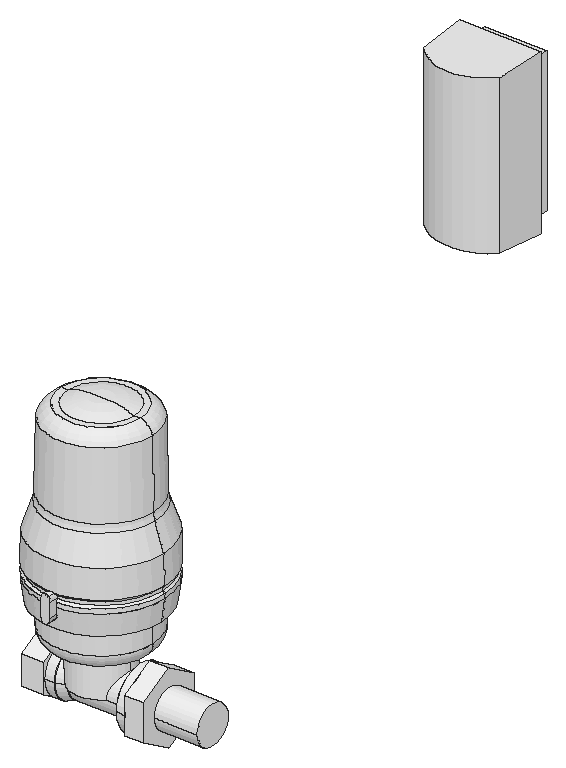
Revit family "RA-FN_Straight_DN10-20_F_React_RFA_1", category Pipe Accessories, Revit 2019
Family settings
  Round Connector Dimension = Use Diameter
  Part Type = Valve - Breaks Into
  OmniClass Number = 23.65.55.14.17
  OmniClass Title = Adjusting/Controlling Valves for Liquid Services
  Work Plane-Based = No
  Always vertical = Yes
  Cut with Voids When Loaded = No
  Shared = No
Parameters (values of type "RA-FN_Straight_DN10_Internal_F_013G0002")
  Weight = 0.21 kg
  W = 58.00 mm  # constant formula
  Sensor Type = React Sensors_RA_RFA : React Sensors_RA_Remote_8-28 °C
  SL = L1 + L2  # 55.50 mm
  RV4_1 = 15.50 mm
  RV2_1 = 12.50 mm
  RV4 = 13.30 mm
  RV3 = 11.00 mm
  RV2 = 10.80 mm
  Pressure Drop [instance] = 0.0 bar
  Model Type = "RA-FN_Straight_DN10_Internal_F"
  Model = "013G0002"
  Max Operating Pressure = "10 bar"  # constant formula
  Max Medium Temperature = "120 ˚C"  # constant formula
  Max Differential Pressure = "0.6 bar"  # constant formula
  L_2 = 8.50 mm
  Valve Body Material = Danfoss Nickel Plated Brass
  RV5 = 8.30 mm
  LOD 350 = not(LOD 200)  # yes
  LOD 200 = no
  L7 = 3.60 mm
  L5 = 14.50 mm
  L4 = 7.50 mm
  L3 = 4.20 mm
  L = 74.50 mm
  Kvs = 0.65 m³/h
  IfcExportType = "RA-FN"  # constant formula
  IfcExportAs = "IfcValveType"  # constant formula
  L_1 = 9.80 mm
  URL = "https://store.danfoss.com/en/Climate-Solutions-for-heating/Radiator-Thermostats/Radiator-Valves/Build-on-valves/Fixed-capacity-valves/c/13867?q=%3Arelevance%3Adanfoss_producttypehierarchydesc%3ARA-FN&text="
  Manufacturer = "Danfoss"  # constant formula
  L2 = 29.50 mm
  L1 = 26.00 mm
  Ha [instance] = 111.00 mm
  HT = 48.00 mm  # constant formula
  HB = 15.59 mm
  H = HB + 111.00 mm  # 126.59 mm
  Flow [instance] = 0.0 m³/h
  Description = "Thermostatic Radiator Valve"  # constant formula
  D_Thread = L_Thread2 * 2  # 27.00 mm
  DB1 = 25.50 mm
  DV1 = 18.00 mm
  L_Thread2 = 13.50 mm
  L_Thread1 = 10.80 mm
  D = 10.00 mm
  Connection = "Internal Thread"  # constant formula
Types (3, lengths in mm): name | Weight | SL | RV4_1 | RV2_1 | RV4 | RV3 | RV2 | Model Type | Model | L_2 | RV5 | L7 | L5 | L4 | L3 | L | Kvs | L_1 | L2 | L1 | HB | H | D_Thread | DB1 | DV1 | L_Thread2 | L_Thread1 | D
  RA-FN_Straight_DN10_Internal_F_013G0002 | 0.21 kg | 55.50 | 15.50 | 12.50 | 13.30 | 11.00 | 10.80 | "RA-FN_Straight_DN10_Internal_F" | "013G0002" | 8.50 | 8.30 | 3.60 | 14.50 | 7.50 | 4.20 | 74.50 | 0.65 m³/h | 9.80 | 29.50 | 26.00 | 15.59 | 126.59 | 27.00 | 25.50 | 18.00 | 13.50 | 10.80 | 10.00
  RA-FN_Straight_DN15_Internal_F_013G0004 | 0.24 kg | 61.00 | 17.30 | 15.30 | 14.80 | 12.30 | 12.50 | "RA-FN_Straight_DN15_Internal_F" | "013G0004" | 10.00 | 10.50 | 3.80 | 15.50 | 9.50 | 4.00 | 82.00 | 0.9 m³/h | 10.00 | 32.00 | 29.00 | 17.32 | 128.32 | 30.00 | 25.50 | 20.30 | 15.00 | 13.30 | 15.00
  RA-FN_Straight_DN20_Internal_F_013G0006 | 0.39 kg | 74.30 | 21.00 | 18.30 | 18.20 | 15.00 | 15.60 | "RA-FN_Straight_DN20_Internal_F" | "013G0006" | 14.00 | 13.30 | 4.20 | 18.00 | 14.00 | 6.20 | 96.50 | 1.4 m³/h | 12.20 | 39.30 | 35.00 | 21.13 | 132.13 | 36.60 | 29.00 | 25.00 | 18.30 | 15.80 | 20.00
Reference planes
  plane 1 "Center (Front/Back)": y = 0
  plane 2 "XYPLANE": z = 6
  plane 3 "Center (Left/Right)": x = 0
  plane 4 "63": x = 0
  plane 5 "62": x = -26
  plane 6 "61": x = 29.5
  plane 7 "60": y = 0
  plane 8 "59": z = 0
  plane 9 "Y2": x = -16.2
  plane 10: z = 111
  plane 11: x = 48.5
  plane 12: x = 21
  plane 13: z = 15
  plane 14: x = 14.5
  plane 15: x = -7.5
  plane 16: x = -11.7
  plane 17: x = 17.4
  plane 18: x = -11.473
  plane 19: z = -15.59
  plane 20: y = 27.5
  plane 21: y = -30.5
Forms (mm)
  Extrusion 1, solid, material "Danfoss Nickel Plated Brass" <- "Valve Body Material", visible <- "LOD 350", detail levels fine
    sketch origin (-15, 0, 0) x (0, 0, 1) y (0, -1, 0)
      loop
        circle (0, 0) r 9
    from 7.5 to 29.5
  Extrusion 2, solid, material "Danfoss Nickel Plated Brass" <- "Valve Body Material", visible <- "LOD 350", detail levels fine
    sketch origin (29.5, -750, 0) x (0, 1, 0) y (0, 0, 1)
      loop
        line (750, 15.588) -> (736.5, 7.794) -> (736.5, -7.794) -> (750, -15.588) -> (763.5, -7.794) -> (763.5, 7.794) -> (750, 15.588)
    from 0 to -8.5
  Extrusion 3, solid, material "Danfoss Nickel Plated Brass" <- "Valve Body Material", visible <- "LOD 350", detail levels fine
    sketch origin (-26, -750, 0) x (0, 1, 0) y (0, 0, 1)
      loop
        line (750, 12.471) -> (739.2, 6.235) -> (739.2, -6.235) -> (750, -12.471) -> (760.8, -6.235) -> (760.8, 6.235) -> (750, 12.471)
    from 0 to 9.8 <- "L_1"
  Extrusion 4, solid, material "Danfoss Nickel Plated Brass" <- "Valve Body Material", visible <- "LOD 350", detail levels fine
    sketch origin (29.5, -750, 0) x (0, 1, 0) y (0, 0, 1)
      loop
        circle (750, 0) r 10.8
    from -45.7 to -41.2
  Extrusion 5, solid, material "Danfoss Nickel Plated Brass" <- "Valve Body Material", visible <- "LOD 200", detail levels fine
    sketch origin (29.5, -750, 0) x (0, 1, 0) y (0, 0, 1)
      loop
        circle (750, 0) r 9
    from -45.7 to -8.5
  Extrusion 6, solid, material "Danfoss Nickel Plated Brass" <- "Valve Body Material", detail levels fine
    sketch origin (0, 0, 0) x (0, 1, 0) y (0, 0, 1)
      loop
        circle (0, 0) r 8.3
    from 29.5 to 48.5
  Extrusion 7, solid, material "Danfoss Nickel Plated Brass" <- "Valve Body Material", detail levels fine
    sketch origin (0, 0, 0) x (1, 0, 0) y (0, 1, 0)
      loop
        circle (0, 0) r 12.75
    from 0 to 15
  Blend 8, solid, material "Danfoss Nickel Plated Brass" <- "Valve Body Material", visible <- "LOD 350", detail levels fine
    base sketch origin (0, 0, 0) x (0, 1, 0) y (0, 0, 1)
      loop
        circle (0, 0) r 10.8
    top sketch origin (0, 0, 0) x (0, 1, 0) y (0, 0, 1)
      loop
        circle (0, 0) r 9
    from -11.7 to -7.5
  Blend 9, solid, material "Danfoss Nickel Plated Brass" <- "Valve Body Material", visible <- "LOD 350", detail levels fine
    base sketch origin (0, 0, 0) x (0, 1, 0) y (0, 0, -1)
      loop
        circle (0, 0) r 11
    top sketch origin (0, 0, 0) x (0, 1, 0) y (0, 0, -1)
      loop
        circle (0, 0) r 9
    from -17.4 to -14.5
  Extrusion 10, solid, material "Danfoss Nickel Plated Brass" <- "Valve Body Material", visible <- "LOD 350", detail levels fine
    sketch origin (-29.5, -750, 0) x (0, 1, 0) y (0, 0, -1)
      loop
        circle (750, 0) r 13.3
    from -50.5 to -46.9
  Extrusion 11, solid, material "Danfoss Nickel Plated Brass" <- "Valve Body Material", visible <- "LOD 200", detail levels fine
    sketch origin (0, 0, 0) x (0, 1, 0) y (0, 0, 1)
      loop
        circle (0, 0) r 12.5
    from -26 to -16.2
  Extrusion 12, solid, material "Danfoss Nickel Plated Brass" <- "Valve Body Material", visible <- "LOD 200", detail levels fine
    sketch origin (0, 0, 0) x (0, 1, 0) y (0, 0, 1)
      loop
        circle (0, 0) r 15.5
    from 21 to 29.5
Lines and regions (mm)
  reference lines, not visible
    curve 1: circle (2, 2, 0) r 1 normal (0, 0, 1)
  reference lines, visible <- "LOD 350"
    curve 2: line (29.5, 0, 0) -> (29.5, 5.846, -3.375)
    curve 3: line (29.5, 0, 0) -> (29.5, 0, -6.75)
    curve 4: line (29.5, 0, 0) -> (29.5, -5.846, -3.375)
    curve 5: line (-26, 0, 0) -> (-26, -4.98, -2.875)
    curve 6: line (-26, 0, 0) -> (-26, 0, -5.75)
    curve 7: line (-26, 0, 0) -> (-26, 4.98, -2.875)
Dimensions and locks
  plane 1 "Center (Front/Back)" to curve 1 = 2.00 mm
  locked: plane 3 "Center (Left/Right)" to plane 4 "63"
  "L1": plane 3 "Center (Left/Right)" to plane 5 "62"
  "L2": plane 3 "Center (Left/Right)" to plane 6 "61"
  locked: plane 1 "Center (Front/Back)" to plane 7 "60"
  plane 8 "59" to plane 2 "XYPLANE" = 6.00 mm
  "L_Thread2": curve 2 to Extrusion 2 sketch curve  (x2)
  "L_Thread2": curve 3 to Extrusion 2 sketch curve  (x2)
  "L_Thread2": curve 4 to Extrusion 2 sketch curve  (x2)
  "L_Thread1": curve 5 to Extrusion 3 sketch curve  (x2)
  "L_Thread1": curve 6 to Extrusion 3 sketch curve  (x2)
  "L_Thread1": curve 7 to Extrusion 3 sketch curve  (x2)
  "L_1": plane 5 "62" to plane 9 "Y2"
  "L_2": plane 12 to plane 6 "61"
  "L4": plane 3 "Center (Left/Right)" to plane 15
  "L5": plane 14 to plane 3 "Center (Left/Right)"
  "L3": plane 15 to plane 16
  "L": plane 5 "62" to plane 11
  plane 6 "61" to plane 5 "62" = 55.50 mm
  plane 11 to plane 5 "62" = 74.50 mm
  "L7": plane 12 to plane 17
  locked: plane 18 to plane 9 "Y2" at 4.727
  locked: plane 13 to level at 15
  "Ha": plane 10 to level
  "HB": level to plane 19
  "H": plane 10 to plane 19
  "W": plane 21 to plane 20
  "DV1": diameter of Extrusion 1 sketch curve
  "RV2": radius of Extrusion 4 sketch curve
  "DV1": diameter of Extrusion 5 sketch curve
  "RV5": radius of Extrusion 6 sketch curve
  "DB1": diameter of Extrusion 7 sketch curve
  "RV2": radius of Blend 8 sketch curve
  "DV1": diameter of Blend 8 sketch curve
  "RV3": radius of Blend 9 sketch curve
  "DV1": diameter of Blend 9 sketch curve
  "RV4": radius of Extrusion 10 sketch curve
  "RV2_1": radius of Extrusion 11 sketch curve
  "RV4_1": radius of Extrusion 12 sketch curve
  locked: curve 3 to curve 2 (angle 60.00°)
  locked: curve 4 to curve 3 (angle 60.00°)
  locked: curve 4 to curve 2 (angle 120.00°)
  locked: curve 6 to curve 5 (angle 60.00°)
  locked: curve 7 to curve 6 (angle 60.00°)
  locked: curve 7 to curve 5 (angle 120.00°)
  aligned and locked: Extrusion 1 sketch curve to plane 7 "60"
  aligned and locked: curve 4 to plane 7 "60"
  aligned and locked: plane 8 "59" to curve 4
  aligned and locked: curve 7 to plane 7 "60"
  aligned and locked: plane 8 "59" to curve 7
  aligned and locked: plane 1 "Center (Front/Back)" to Extrusion 4 sketch curve
  aligned and locked: level to Extrusion 4 sketch curve
  aligned and locked: plane 1 "Center (Front/Back)" to Extrusion 5 sketch curve
  aligned and locked: level to Extrusion 5 sketch curve
  aligned and locked: plane 9 "Y2" to Extrusion 3
  aligned and locked: plane 1 "Center (Front/Back)" to Extrusion 6 sketch curve
  aligned and locked: level to Extrusion 6 sketch curve
  aligned and locked: Extrusion 2 to plane 12
  aligned and locked: plane 4 "63" to Extrusion 7 sketch curve
  aligned and locked: plane 7 "60" to Extrusion 7 sketch curve
  aligned and locked: plane 13 to Extrusion 7
  aligned and locked: Extrusion 6 to plane 6 "61"
  aligned and locked: Extrusion 6 to plane 11
  aligned and locked: Extrusion 1 to plane 15
  aligned and locked: plane 14 to Extrusion 1
  aligned and locked: Extrusion 4 to plane 9 "Y2"
  aligned and locked: plane 16 to Extrusion 4
  aligned and locked: plane 1 "Center (Front/Back)" to Blend 8 sketch curve  (x2)
  aligned and locked: level to Blend 8 sketch curve  (x2)
  aligned and locked: Blend 8 to plane 16
  aligned and locked: plane 15 to Blend 8
  aligned and locked: plane 14 to Blend 9
  aligned and locked: plane 1 "Center (Front/Back)" to Blend 9 sketch curve  (x2)
  aligned and locked: level to Blend 9 sketch curve  (x2)
  aligned and locked: Extrusion 5 to plane 9 "Y2"
  aligned and locked: plane 12 to Extrusion 5
  aligned and locked: plane 17 to Blend 9
  aligned and locked: plane 12 to Extrusion 10
  aligned and locked: Extrusion 10 to plane 17
  aligned and locked: plane 1 "Center (Front/Back)" to Extrusion 11 sketch curve
  aligned and locked: level to Extrusion 11 sketch curve
  aligned and locked: Extrusion 11 to plane 5 "62"
  aligned and locked: Extrusion 11 to plane 9 "Y2"
  aligned and locked: plane 1 "Center (Front/Back)" to Extrusion 12 sketch curve
  aligned and locked: level to Extrusion 12 sketch curve
  aligned and locked: Extrusion 2 to Extrusion 12
  aligned and locked: Extrusion 12 to plane 6 "61"
  aligned and locked: plane 3 "Center (Left/Right)" to nested 1
  aligned and locked: plane 13 to nested 1
  aligned and locked: plane 1 "Center (Front/Back)" to nested 1
  aligned and locked: nested 2 to plane 13
  aligned and locked: plane 3 "Center (Left/Right)" to nested 2
  aligned and locked: plane 1 "Center (Front/Back)" to nested 2
  aligned and locked: level to nested 3
  aligned and locked: nested 3 to plane 6 "61"
  aligned and locked: plane 1 "Center (Front/Back)" to nested 3
Automatic sketch dimensions
  plane 3 "Center (Left/Right)" to curve 1 = 2.00 mm
  Extrusion 1 sketch curve to level = 0.00 mm
  Extrusion 6 sketch curve to level = 0.00 mm
  Extrusion 10 sketch curve to level = 0.00 mm
  Extrusion 10 sketch curve to plane 1 "Center (Front/Back)" = 0.00 mm
  radius of curve 1 = 1.00 mm
Nested families
  nested 1: "connection neck" at (0, 0, 15), LOD 200 <- "LOD 200", type "connection", detail levels fine
    with LOD 350 yes, LOD 200 no, DN20(350) no, DN10-15(350) yes
  nested 2: "React Sensors_RA_RFA" at (0, 0, 15), LOD 200 <- "LOD 200", type <- "Sensor Type", type "React Sensors_RA_Remote_8-28 °C", detail levels fine
    with Y' 1200.00 mm, X' 1200.00 mm, LOD 350 yes, LOD 200 no, Box Z Offset 100.00 mm, Box Y Offset 100.00 mm, Box X Offset 100.00 mm
  nested 3: "Schematic_TRV_Sensor_Straight" at (1.75, 0, 0), type "Schematic_TRV_Sensor_Straight", detail levels coarse+medium
    with LA_1 2.40 mm, HA_2 17.28 mm, HA_1 4.32 mm, HA 21.60 mm, LA 12.96 mm, L 55.50 mm, D 27.00 mm
Connectors
  piping at (-26, 0, 0), diameter 10, driven by "D", driven by "Flow"
    settings: on Extrusion 3, index 2, connector inside diameter 609.6 mm, connector length 0.00 mm, flow factor 0, pipe flow 0.0 m³/h, pressure drop 0.0 bar, fitting loss kfactor 0, connector angle 0.00°, fixture units 0, engagement length 0.00 mm, angle of deflection 0.00°, flow configuration 0, flow direction 1, fitting loss method 0, system type 29, joint type 0, gender type 0, connector reference index 3, connector utility 0, adjustable connector no, is connector primary yes, connector description ""
  piping at (29.5, 0, 0), diameter 10, driven by "Flow", driven by "D"
    settings: on Extrusion 2, index 3, connector inside diameter 609.6 mm, connector length 0.00 mm, flow factor 0, pipe flow 0.0 m³/h, pressure drop 0.0 bar, fitting loss kfactor 0, connector angle 0.00°, fixture units 0, engagement length 0.00 mm, angle of deflection 0.00°, flow configuration 0, flow direction 2, fitting loss method 0, system type 29, joint type 0, gender type 0, connector reference index 2, connector utility 0, adjustable connector no, is connector primary no, connector description ""
Definition of nested family "connection neck"
  Parameters (values of type "connection")
    Model = ""
    Valve Body Material = none
    LOD 350 [instance] = not(LOD 200)  # yes
    LOD 200 [instance] = no
    IfcExportType = "Connection neck"  # constant formula
    IfcExportAs = "IfcValveType"  # constant formula
    URL = "https://store.danfoss.com/en/Climate-Solutions-for-heating/Radiator-Thermostats/Radiator-Valves/Build-on-valves/Presetting-valves/c/13866?q=%3Arelevance%3Adanfoss_producttypehierarchydesc%3ARA-N&text="
    Manufacturer = "Danfoss"  # constant formula
    HT1 = if(D = 20.00 mm, 12.55 mm, 12.65 mm)  # 12.65 mm
    HT = 33.00 mm  # constant formula
    H [instance] = 33.00 mm
    Description = "Thermostatic Radiator Valve"  # constant formula
    DN20(350) [instance] = and((LOD 350), D = 20.00 mm)  # no
    DN10-15(350) [instance] = and((LOD 350), D < 20.00 mm)  # yes
    D = 10.00 mm
  Reference planes
    plane 1 "Center (Front/Back)": y = 0
    plane 2 "XYPLANE": z = 6
    plane 3 "Center (Left/Right)": x = 0
    plane 4 "67": z = 27.03
    plane 5 "66": z = 7
    plane 6 "63": x = 0
    plane 7 "60": y = 0
    plane 8 "59": z = 0
    plane 9: z = 33
    plane 10: z = 12.65
    plane 11: z = 0
    plane 12 "HT1": z = 12.65
    plane 13: z = 6.1
    plane 14: z = 23.03
  Forms (mm)
    Revolve 1, solid, detail levels fine
      sketch origin (0, 0, 0) x (1, 0, 0) y (0, 0, 1)
        loop
          line (0, 33) -> (0, 27.03) -> (1, 27.03) -> (1, 33) -> (0, 33)
        axis (0, 27.03) -> (0, 33)
      angle from 0 to 360
    Revolve 2, solid, visible <- "DN10-15(350)", detail levels fine
      sketch origin (0, 0, 0) x (1, 0, 0) y (0, 0, 1)
        loop
          line (0, 0) -> (11.5, 0) -> (11.5, 7) -> (8.3, 7) -> (8.3, 12.65) -> (0, 12.65) -> (0, 0)
        axis (0, 12.65) -> (0, 0)
      angle from 0 to 360
    Revolve 3, solid, material <- "Valve Body Material", detail levels fine
      sketch origin (0, 0, 0) x (1, 0, 0) y (0, 0, 1)
        loop
          line (0, 23.03) -> (0, 12.65) -> (9.3, 12.65) -> (9.3, 23.03) -> (0, 23.03)
        axis (0, 12.65) -> (0, 23.03)
      angle from 0 to 360
    Revolve 4, solid, visible <- "LOD 200", detail levels fine
      sketch origin (0, 0, 0) x (1, 0, 0) y (0, 0, 1)
        loop
          line (0, 0) -> (11.5, 0) -> (11.5, 12.65) -> (0, 12.65) -> (0, 0)
        axis (0, 0) -> (0, 12.65)
      angle from 0 to 360
    Extrusion 5, solid, visible <- "LOD 350", detail levels fine
      sketch origin (0, 0, 0) x (1, 0, 0) y (0, 1, 0)
        loop
          line (-2.887, 5) -> (-5.774, 0) -> (-2.887, -5) -> (2.887, -5) -> (5.774, 0) -> (2.887, 5) -> (-2.887, 5)
      from 23.03 to 27.03
    Revolve 6, solid, visible <- "LOD 200", detail levels fine
      sketch origin (0, 0, 0) x (1, 0, 0) y (0, 0, 1)
        loop
          line (0, 27.03) -> (0, 23.03) -> (5.774, 23.03) -> (5.774, 27.03) -> (0, 27.03)
        axis (0, 27.03) -> (0, 23.03)
      angle from 0 to 360
    Revolve 7, solid, visible <- "DN20(350)", detail levels fine
      sketch origin (0, 0, 0) x (1, 0, 0) y (0, 0, 1)
        loop
          line (0, 0) -> (11.5, 0) -> (11.5, 6.1) -> (8.3, 6.1) -> (8.3, 12.65) -> (0, 12.65) -> (0, 0)
        axis (0, 12.65) -> (0, 0)
      angle from 0 to 360
  Lines and regions (mm)
    reference lines, not visible
      curve 1: circle (2, 2, 0) r 1 normal (0, 0, 1)
    reference lines, visible <- "LOD 350"
      curve 2: line (32, 0, 0) -> (32, 5.846, -3.375)
      curve 3: line (32, 0, 0) -> (32, 0, -6.75)
      curve 4: line (32, 0, 0) -> (32, -5.846, -3.375)
      curve 5: line (-29, 0, 0) -> (-29, -4.98, -2.875)
      curve 6: line (-29, 0, 0) -> (-29, 0, -5.75)
      curve 7: line (-29, 0, 0) -> (-29, 4.98, -2.875)
  Dimensions and locks
    plane 1 "Center (Front/Back)" to curve 1 = 2.00 mm
    locked: plane 3 "Center (Left/Right)" to plane 6 "63"
    locked: plane 1 "Center (Front/Back)" to plane 7 "60"
    plane 8 "59" to plane 2 "XYPLANE" = 6.00 mm
    "HT": plane 9 to level
    Revolve 3 sketch curve to Revolve 3 sketch curve = 9.30 mm
    Revolve 2 sketch curve to plane 3 "Center (Left/Right)" = 11.50 mm
    Revolve 2 sketch curve to plane 3 "Center (Left/Right)" = 8.30 mm
    Revolve 4 sketch curve to Revolve 4 sketch curve = 11.50 mm
    Extrusion 5 sketch curve to Extrusion 5 sketch curve = 10.00 mm  (x3)
    equal spacing: Extrusion 5 sketch curve, plane 1 "Center (Front/Back)", Extrusion 5 sketch curve
    equal spacing: Extrusion 5 sketch curve, plane 3 "Center (Left/Right)", Extrusion 5 sketch curve  (x2)
    Revolve 6 sketch curve to Revolve 6 sketch curve = 5.774 mm
    "H": plane 9 to plane 11
    Revolve 1 sketch curve to Revolve 1 sketch curve = 1.00 mm
    locked: level to plane 11
    Revolve 7 sketch curve to plane 3 "Center (Left/Right)" = 8.30 mm
    Revolve 7 sketch curve to plane 3 "Center (Left/Right)" = 11.50 mm
    plane 10 to plane 5 "66" = 5.65 mm
    "HT1": plane 12 "HT1" to level
    locked: plane 13 to level at 6.1
    plane 12 "HT1" to plane 13 = 6.55 mm
    locked: plane 14 to plane 12 "HT1" at 10.38
    locked: plane 4 "67" to plane 14 at 4
    locked: plane 5 "66" to level at 7
    locked: curve 3 to curve 2 (angle 60.00°)
    locked: curve 4 to curve 3 (angle 60.00°)
    locked: curve 4 to curve 2 (angle 120.00°)
    locked: curve 6 to curve 5 (angle 60.00°)
    locked: curve 7 to curve 6 (angle 60.00°)
    locked: curve 7 to curve 5 (angle 120.00°)
    aligned and locked: curve 4 to plane 7 "60"
    aligned and locked: plane 8 "59" to curve 4
    aligned and locked: curve 7 to plane 7 "60"
    aligned and locked: plane 8 "59" to curve 7
    aligned and locked: Revolve 1 sketch curve to plane 6 "63"
    aligned and locked: Revolve 1 sketch curve to plane 9
    aligned and locked: plane 6 "63" to Revolve 1 sketch curve
    aligned and locked: Revolve 2 sketch curve to plane 5 "66"
    aligned and locked: Revolve 2 sketch curve to plane 3 "Center (Left/Right)"
    aligned and locked: Revolve 2 sketch curve to Revolve 2 sketch curve
    aligned and locked: Revolve 3 sketch curve to plane 6 "63"
    aligned and locked: plane 6 "63" to Revolve 3 sketch curve
    aligned and locked: Revolve 4 sketch curve to plane 6 "63"
    aligned and locked: plane 2 "XYPLANE" to Revolve 4 sketch curve
    aligned and locked: plane 6 "63" to Revolve 4 sketch curve
    aligned and locked: Revolve 1 sketch curve to plane 4 "67"
    aligned and locked: plane 4 "67" to Revolve 1 sketch curve
    aligned and locked: Revolve 2 sketch curve to plane 11
    aligned and locked: plane 11 to Revolve 2 sketch curve
    aligned and locked: plane 4 "67" to Extrusion 5
    aligned and locked: plane 10 to Revolve 4
    aligned and locked: Revolve 6 sketch curve to plane 6 "63"  (x2)
    aligned and locked: Revolve 6 sketch curve to plane 4 "67"
    aligned and locked: Revolve 6 sketch curve to Revolve 1
    aligned and locked: Revolve 6 sketch curve to Revolve 6 sketch curve
    aligned and locked: Revolve 7 sketch curve to level
    aligned and locked: Revolve 7 sketch curve to plane 3 "Center (Left/Right)"  (x2)
    aligned and locked: Revolve 4 sketch curve to plane 12 "HT1"
    aligned and locked: Revolve 3 sketch curve to plane 12 "HT1"
    aligned and locked: Revolve 2 sketch curve to plane 12 "HT1"
    aligned and locked: Revolve 7 sketch curve to plane 12 "HT1"
    aligned and locked: Revolve 7 sketch curve to plane 13
    aligned and locked: Revolve 3 sketch curve to plane 14
    aligned and locked: Extrusion 5 to plane 14
  Automatic sketch dimensions
    plane 3 "Center (Left/Right)" to curve 1 = 2.00 mm
    plane 9 to Revolve 1 sketch curve = 0.838 mm
    Revolve 3 sketch curve to plane 3 "Center (Left/Right)" = 0.00 mm
    plane 5 "66" to Revolve 3 sketch curve = 2.50 mm
    Revolve 3 sketch curve to plane 9 = 1.691 mm
    Revolve 4 sketch curve to plane 11 = 0.00 mm
    Revolve 4 sketch curve to plane 9 = 0.30 mm
    plane 1 "Center (Front/Back)" to Extrusion 5 sketch curve = 0.00 mm
    Extrusion 5 sketch curve to Extrusion 5 sketch curve = 2.887 mm
    Revolve 7 sketch curve to Revolve 7 sketch curve = 0.00 mm
    Revolve 7 sketch curve to Revolve 7 sketch curve = 11.48 mm
    Revolve 2 sketch curve to plane 4 "67" = 3.00 mm
    Revolve 6 sketch curve to plane 4 "67" = 4.00 mm
    radius of curve 1 = 1.00 mm
Definition of nested family "React Sensors_RA_RFA"
  Parameters (values of type "React Sensors_RA_Built-in_8-28 °C")
    YH = XYadd - H'  # 504.00 mm
    Y' [instance] = if(Box Y Offset < -1 * XYlimit, XYadd - XYlimit, (if(Box Y Offset > XYlimit, XYadd + XYlimit, Box Y Offset + XYadd)))  # 700.00 mm
    XYadd = XYlimit + 100.00 mm  # 600.00 mm
    X' [instance] = if(Box X Offset < -1 * XYlimit, XYadd - XYlimit, (if(Box X Offset > XYlimit, XYadd + XYlimit, Box X Offset + XYadd)))  # 700.00 mm
    XYlimit = 500.00 mm
    W [instance] = 57.99 mm
    React Sensor = React_RA_RFA : React Sensors
    Sensor Media = "Liquid"  # constant formula
    Remote Sensor = if(RS = 1, 1 = 1, 1 = 0)  # no
    Box Z Offset [instance] = 100.00 mm  # constant formula
    URL = "https://store.danfoss.com/en/Climate-Solutions-for-heating/Radiator-Thermostats/Radiator-sensors/Room-sensor-mTRV/Sensors-for-Danfoss-RA-valves/c/13884?q=%3Arelevance%3Adanfoss_producttypehierarchydesc%3ADanfoss+React%E2%84%A2+Sensors%3Adanfoss_a1184338573%3AA1184_3385735918e24870f0ea98b9978dae8a69c533%3Adanfoss_a1186338575%3AA1186_3385757565fa0f3e171a343b2fd2a01064cb82&text="
    RS = 0
    Model Type = "React Sensors_RA_Built-in_8-28 °C"
    Model = "015G3080,015G3088,015G3090,015G3098,015G3094,015G3290"
    Min Temperature Setting = "8 °C"  # constant formula
    Max Temperature Setting = "28 °C"  # constant formula
    Max Capillary Tube Length = 0.00 mm
    Manufacturer = "Danfoss"  # constant formula
    LOD 350 [instance] = not(LOD 200)  # yes
    LOD 200 [instance] = no
    L [instance] = 55.211 mm
    IfcExportType = "React Sensors"  # constant formula
    IfcExportAs = "IfcActuatorType"  # constant formula
    H' = 96.00 mm  # constant formula
    H [instance] = 96.00 mm
    Description = "Radiator Sensor"  # constant formula
    Connection = "RA"  # constant formula
    Box Y Offset [instance] = 100.00 mm
    Box X Offset [instance] = 100.00 mm
    Body Material = none
  Types (3, lengths in mm): name | YH | Y' | XYadd | X' | XYlimit | Remote Sensor | URL | RS | Model Type | Model | Max Capillary Tube Length
    (no name) | 504.00 | 700.00 | 600.00 | 700.00 | 500.00 | no | "https://store.danfoss.com/en/Climate-Solutions-for-heating/Radiator-Thermostats/Radiator-sensors/Room-sensor-mTRV/Sensors-for-Danfoss-RA-valves/c/13884?q=%3Arelevance%3Adanfoss_producttypehierarchydesc%3ADanfoss+React%E2%84%A2+Sensors%3Adanfoss_a1184338573%3AA1184_3385735918e24870f0ea98b9978dae8a69c533%3Adanfoss_a1186338575%3AA1186_3385757565fa0f3e171a343b2fd2a01064cb82&text=" | 0 | "React Sensors_RA_Built-in_8-28 °C" | "015G3080,015G3088,015G3090,015G3098,015G3094,015G3290" | 0.00
    React Sensors_RA_Remote_8-28 °C | 1004.00 | 1200.00 | 1100.00 | 1200.00 | 1000.00 | yes | "https://store.danfoss.com/en/Climate-Solutions-for-heating/Radiator-Thermostats/Radiator-sensors/Room-sensor-mTRV/Sensors-for-Danfoss-RA-valves/c/13884?q=%3Arelevance%3Adanfoss_producttypehierarchydesc%3ADanfoss+React%E2%84%A2+Sensors%3Adanfoss_a1184338573%3AA1184_3385735918e24870f0ea98b9978dae8a69c533%3Adanfoss_a1186338575%3AA1186_3385756922a4d78decdb47e1e9a53dbb12a95d&text=" | 1 | "React Sensors_RA_Remote_8-28 °C" | "015G3082,015G3092,015G3292" | 2000.00
    React Sensors_RA_Built-in_8-28 °C | 504.00 | 700.00 | 600.00 | 700.00 | 500.00 | no | "https://store.danfoss.com/en/Climate-Solutions-for-heating/Radiator-Thermostats/Radiator-sensors/Room-sensor-mTRV/Sensors-for-Danfoss-RA-valves/c/13884?q=%3Arelevance%3Adanfoss_producttypehierarchydesc%3ADanfoss+React%E2%84%A2+Sensors%3Adanfoss_a1184338573%3AA1184_3385735918e24870f0ea98b9978dae8a69c533%3Adanfoss_a1186338575%3AA1186_3385757565fa0f3e171a343b2fd2a01064cb82&text=" | 0 | "React Sensors_RA_Built-in_8-28 °C" | "015G3080,015G3088,015G3090,015G3098,015G3094,015G3290" | 0.00
  Reference planes
    plane 1 "Center (Front/Back)": y = 0
    plane 2: z = 0
    plane 3 "Center (Left/Right)": x = 0
    plane 4: z = 23.299
    plane 5: x = -600
    plane 6: z = -504
    plane 7: z = 196
    plane 8: z = 96
  Lines and regions (mm)
    reference lines
      curve 1: line (100, 100, 0) -> (100, 0, 0)
      curve 2: line (27.6, 100, 0) -> (-67.6, 100, 0)
  Dimensions and locks
    "XYadd": plane 5 to plane 3 "Center (Left/Right)"
    "YH": level to plane 6
    locked: plane 1 "Center (Front/Back)" to curve 2 at 100
    "Y'": plane 7 to plane 6
    "X'": plane 5 to curve 1
    "Box Z Offset": nested 2 to plane 1 "Center (Front/Back)"
    "L": nested 1 to nested 1
    "H": nested 1 to level
    "W": nested 1 to nested 1
    nested 2 to plane 3 "Center (Left/Right)" = 100.00 mm
    plane 7 to nested 1 = 100.00 mm
    "H'": plane 8 to level
    aligned and locked: level to plane 2
    aligned and locked: plane 3 "Center (Left/Right)" to nested 1
    aligned and locked: plane 1 "Center (Front/Back)" to nested 1
    aligned and locked: nested 2 to curve 1
    aligned and locked: plane 7 to nested 2
    aligned and locked: level to curve 2
    aligned and locked: nested 1 to curve 2
  Automatic sketch dimensions
    plane 1 "Center (Front/Back)" to curve 1 = 0.00 mm
    plane 3 "Center (Left/Right)" to curve 2 = 27.60 mm
    curve 2 to plane 3 "Center (Left/Right)" = 67.60 mm
  Nested families
    nested 1: "React_RA_RFA" at (0, 0, 0), type <- "React Sensor", type "React Sensors", detail levels fine
    nested 2: "Remote sensor_L_box_RFA" at (100, 100, 196) x (-1, 0, 0) z (0, -1, 0), LOD 200 <- "LOD 200", Body Material <- "Body Material", visible <- "Remote Sensor", type "Remote sensor_box"
      with LOD 350 yes, LOD 200 no, Body Material none
  Definition of nested family "React_RA_RFA"
    Parameters (values of type "React Sensors")
      W [instance] = 57.99 mm
      URL = ""
      Sensor Media = "Liquid"  # constant formula
      Model = ""
      Manufacturer = "Danfoss"  # constant formula
      LOD 350 = not(LOD 200)  # yes
      LOD 200 = no
      L [instance] = 55.211 mm
      IfcExportType = "React Sensors"  # constant formula
      IfcExportAs = "IfcActuatorType"  # constant formula
      H [instance] = 96.00 mm
      Description = "Radiator Sensor"  # constant formula
      Connection = ""
      Body Material = none
    Reference planes
      plane 1 "Center (Front/Back)": y = 0
      plane 2: z = 0
      plane 3 "Center (Left/Right)": x = 0
      plane 4: y = 27.6
      plane 5: z = 96
      plane 6 "TP": z = 56
      plane 7 "BT": z = 17.2
      plane 8: y = -27.6
      plane 9: x = -27.606
      plane 10: x = 27.606
      plane 11: z = 32.463
      plane 12: z = 20.807
      plane 13: z = 26.635
    Forms (mm)
      Revolve 1, solid, material <- "Body Material", visible <- "LOD 350", detail levels fine
        sketch origin (0, 0, 0) x (1, 0, 0) y (0, 0, 1)
          loop
            line (-13.65, 1) -> (-13.025, 0) -> (0, 0) -> (0, 96)
            arc (0, 96) -> (-7.312, 95.729) -> (-14.384, 93.851) r 32.944
            line (-14.384, 93.851) -> (-17.197, 93.851)
            arc (-17.197, 93.851) -> (-20.267, 91.811) -> (-22.306, 88.742) r 9.322
            line (-22.306, 88.742) -> (-22.781, 59.184)
            arc (-22.781, 59.184) -> (-22.935, 57.57) -> (-23.341, 56) r 10.295
            line (-23.341, 56) -> (-27.319, 44.446) -> (-27.606, 32.068) -> (-26.659, 31.122) -> (-26.659, 29.761) -> (-27.599, 28.822) -> (-27.599, 26.844) -> (-26.265, 17.508) -> (-22.52, 17.508) -> (-22.52, 7.613)
            arc (-22.52, 7.613) -> (-20.583, 2.937) -> (-15.907, 1) r 6.613
            line (-15.907, 1) -> (-13.65, 1)
          axis (0, 96) -> (0, 0)
        angle from 0 to 360
      Revolve 2, solid, material <- "Body Material", visible <- "LOD 200", detail levels fine
        sketch origin (0, 0, 0) x (1, 0, 0) y (0, 0, 1)
          loop
            line (0, 96) -> (-10, 96)
            arc (-10, 96) -> (-17.334, 94.405) -> (-23.344, 89.91) r 17.664
            line (-23.344, 89.91) -> (-23.344, 56) -> (-27.477, 44.646) -> (-27.477, 17.508) -> (-22.477, 17.508) -> (-22.477, 0) -> (0, 0) -> (0, 96)
          axis (0, 96) -> (0, 0)
        angle from 0 to 360
      Extrusion 3, solid, material <- "Body Material", visible <- "LOD 350", detail levels fine
        sketch origin (0, 0, 0.781) x (1, 0, 0) y (0, 0, 1)
          loop
            arc (2.03, 28.822) -> (1.864, 29.933) -> (1.38, 30.948) r 3.802
            arc (1.38, 30.948) -> (0, 31.682) -> (-1.38, 30.948) r 1.665
            arc (-1.38, 30.948) -> (-1.864, 29.933) -> (-2.03, 28.822) r 3.802
            line (-2.03, 28.822) -> (-2.03, 22.886)
            arc (-2.03, 22.886) -> (-1.864, 21.774) -> (-1.38, 20.759) r 3.802
            arc (-1.38, 20.759) -> (0, 20.026) -> (1.38, 20.759) r 1.665
            arc (1.38, 20.759) -> (1.864, 21.774) -> (2.03, 22.886) r 3.802
            line (2.03, 22.886) -> (2.03, 28.822)
        from 0 to 30.39
    Dimensions and locks
      "H": plane 5 to level
      equal spacing: plane 4, plane 1 "Center (Front/Back)", plane 8
      equal spacing: plane 10, plane 3 "Center (Left/Right)", plane 9
      "L": plane 10 to plane 9
      plane 4 to plane 8 = 55.20 mm
      equal spacing: plane 11, plane 13, plane 12
      "W": Extrusion 3 to plane 4
      aligned and locked: level to plane 2
      aligned and locked: Revolve 2 sketch curve to level
    Automatic sketch dimensions
      Revolve 1 sketch curve to level = 0.00 mm
      Revolve 1 sketch curve to plane 3 "Center (Left/Right)" = 0.00 mm  (x2)
      Revolve 1 sketch curve to plane 5 = 0.00 mm
      Revolve 1 sketch curve to plane 3 "Center (Left/Right)" = 2.444 mm
      Revolve 1 sketch curve to Revolve 1 sketch curve = 13.025 mm
      Revolve 1 sketch curve to Revolve 1 sketch curve = 0.625 mm
      Revolve 1 sketch curve to plane 3 "Center (Left/Right)" = 13.675 mm
      Revolve 1 sketch curve to Revolve 1 sketch curve = 2.257 mm
      Revolve 1 sketch curve to plane 5 = 2.149 mm
      Revolve 1 sketch curve to Revolve 1 sketch curve = 3.522 mm
      Revolve 1 sketch curve to plane 5 = 7.258 mm
      Revolve 1 sketch curve to Revolve 1 sketch curve = 5.109 mm
      Revolve 1 sketch curve to plane 7 "BT" = 0.308 mm
      Revolve 1 sketch curve to plane 6 "TP" = 3.184 mm
      plane 6 "TP" to Revolve 1 sketch curve = 0.00 mm
      Revolve 1 sketch curve to Revolve 1 sketch curve = 0.56 mm
      Revolve 1 sketch curve to Revolve 1 sketch curve = 3.745 mm
      Revolve 1 sketch curve to Revolve 1 sketch curve = 0.947 mm  (x2)
      level to Revolve 1 sketch curve = 1.00 mm
      Revolve 1 sketch curve to Revolve 1 sketch curve = 9.336 mm
      Revolve 1 sketch curve to Revolve 1 sketch curve = 1.978 mm
      Revolve 1 sketch curve to Revolve 1 sketch curve = 0.94 mm
      Revolve 1 sketch curve to Revolve 1 sketch curve = 1.36 mm
      plane 6 "TP" to Revolve 1 sketch curve = 11.554 mm
      Revolve 1 sketch curve to plane 6 "TP" = 7.147 mm
      Revolve 1 sketch curve to level = 366.045 mm
      Revolve 1 sketch curve to Revolve 1 sketch curve = 2130.315 mm
      Revolve 2 sketch curve to plane 6 "TP" = 0.00 mm
      Revolve 2 sketch curve to plane 5 = 0.00 mm
      Revolve 2 sketch curve to plane 3 "Center (Left/Right)" = 0.00 mm  (x2)
      Revolve 2 sketch curve to plane 3 "Center (Left/Right)" = 10.00 mm
      plane 9 to Revolve 2 sketch curve = 5.129 mm
      plane 9 to Revolve 2 sketch curve = 0.129 mm
      Revolve 2 sketch curve to plane 7 "BT" = 0.308 mm
      plane 6 "TP" to Revolve 2 sketch curve = 11.354 mm
      plane 9 to Revolve 2 sketch curve = 4.261 mm
      Revolve 2 sketch curve to level = 366.045 mm
      Revolve 2 sketch curve to plane 5 = 6.09 mm
      Revolve 2 sketch curve to Revolve 2 sketch curve = 2120.515 mm
      Revolve 1 sketch curve to plane 9 = 0.00 mm
      Revolve 1 sketch curve to plane 9 = 5.469 mm
      plane 9 to Revolve 1 sketch curve = 0.007 mm
      plane 9 to Revolve 1 sketch curve = 0.287 mm
      plane 9 to Revolve 1 sketch curve = 1.34 mm
      plane 9 to Revolve 1 sketch curve = 4.265 mm
      Extrusion 3 sketch curve to plane 3 "Center (Left/Right)" = 0.00 mm  (x2)
      Extrusion 3 sketch curve to plane 3 "Center (Left/Right)" = 1.772 mm  (x2)
      Extrusion 3 sketch curve to Extrusion 3 sketch curve = 0.258 mm  (x2)
      plane 3 "Center (Left/Right)" to Extrusion 3 sketch curve = 1.772 mm  (x2)
      plane 12 to Extrusion 3 sketch curve = 1.665 mm
      Extrusion 3 sketch curve to Extrusion 3 sketch curve = 1.195 mm
      Extrusion 3 sketch curve to Extrusion 3 sketch curve = 0.00 mm  (x4)
      Extrusion 3 sketch curve to plane 11 = 2.86 mm
      Extrusion 3 sketch curve to plane 11 = 1.665 mm
  Definition of nested family "Remote sensor_L_box_RFA"
    Parameters (values of type "Remote sensor_box")
      W [instance] = 71.00 mm
      URL = ""
      Sensor Media = "Liquid"  # constant formula
      Model = ""
      Manufacturer = "Danfoss"  # constant formula
      LOD 350 [instance] = not(LOD 200)  # yes
      LOD 200 [instance] = no
      L [instance] = 35.00 mm
      IfcExportType = "Remote Liquid Sensor"  # constant formula
      IfcExportAs = "IfcActuatorType"  # constant formula
      H [instance] = 36.00 mm
      Description = "Radiator Sensor"  # constant formula
      Default Elevation = 1219.20 mm
      Body Material [instance] = none
    Reference planes
      plane 1 "Center (Front/Back)": y = 0
      plane 2: z = 0
      plane 3 "Center (Left/Right)": x = 0
      plane 4: z = 36
      plane 5: y = 35.5
      plane 6: y = -35.5
      plane 7: x = -17.5
      plane 8: x = 17.5
    Forms (mm)
      Extrusion 1, solid, material <- "Body Material", detail levels fine
        sketch origin (0, 0, 83.1) x (0, -1, 0) y (1, 0, 0)
          loop
            line (-31.3, -14.05) -> (31.3, -14.05) -> (31.3, 12.693) -> (-31.3, 12.693) -> (-31.3, -14.05)
        from -83.1 to -75.525
      Extrusion 2, solid, material <- "Body Material", visible <- "LOD 200", detail levels fine
        sketch origin (0, 0, 88.6) x (0, -1, 0) y (1, 0, 0)
          loop
            line (-35.5, -17.5) -> (35.5, -17.5) -> (35.5, 17.5) -> (-35.5, 17.5) -> (-35.5, -17.5)
        from -81.025 to -52.6
      Blend 3, solid, material <- "Body Material", visible <- "LOD 350", detail levels fine
        base sketch origin (0, 0, 82.972) x (0, -1, 0) y (1, 0, 0)
          loop
            line (-35.501, -17.5) -> (35.5, -17.5) -> (35.5, 17.5) -> (-35.501, 17.5) -> (-35.501, -17.5)
        top sketch origin (0, 0, 82.972) x (0, -1, 0) y (1, 0, 0)
          loop
            line (-33.935, -15.989) -> (33.935, -15.989) -> (33.935, 15.989) -> (-33.935, 15.989) -> (-33.935, -15.989)
        from -75.397 to -46.972
      Extrusion 4, void
        sketch origin (0, 0, 0) x (0, 1, 0) y (0, 0, 1)
          loop
            line (35.859, 0) -> (38.543, 0) -> (38.543, 36) -> (33.464, 36) -> (35.859, 0)
          loop
            line (-33.465, 36) -> (-38.605, 36) -> (-38.605, 0) -> (-35.857, 0) -> (-33.465, 36)
        from -17.5 to 17.5
      Extrusion 5, void
        sketch origin (0, 0, 0) x (1, 0, 0) y (0, 0, 1)
          loop
            arc (-17.5, 27.199) -> (0, 35.901) -> (17.5, 27.199) r 21.948
            line (17.5, 27.199) -> (27.5, 27.199) -> (27.5, 40.558) -> (-22.5, 40.558) -> (-22.5, 27.199) -> (-17.5, 27.199)
        from -52.842 to 46.921
      Extrusion 6, solid, material <- "Body Material", detail levels coarse+medium
        sketch origin (0, 0, 83.1) x (0, -1, 0) y (1, 0, 0)
          loop
            line (-35.5, -17.5) -> (35.5, -17.5) -> (35.5, 17.5) -> (-35.5, 17.5) -> (-35.5, -17.5)
        from -83.1 to -47.1
    Cuts and joins
      Extrusion 5 cuts Blend 3
    Dimensions and locks
      "H": plane 4 to level
      equal spacing: plane 7, plane 3 "Center (Left/Right)", plane 8
      "L": plane 7 to plane 8
      plane 8 to plane 7 = 35.00 mm
      "W": plane 5 to plane 6
      equal spacing: plane 5, plane 1 "Center (Front/Back)", plane 6
      level to Extrusion 1 = 7.575 mm
      aligned and locked: level to plane 2
      aligned and locked: Extrusion 1 to level
      aligned and locked: Extrusion 2 to plane 7
      aligned and locked: plane 8 to Extrusion 2
      aligned and locked: plane 4 to Extrusion 2
      aligned and locked: plane 5 to Extrusion 2
      aligned and locked: Extrusion 2 to plane 6
      aligned and locked: Blend 3 to Extrusion 1
      aligned and locked: Extrusion 4 to level
      aligned and locked: Extrusion 2 to Extrusion 1
      aligned and locked: plane 5 to Extrusion 6 sketch curve
      aligned and locked: plane 7 to Extrusion 6 sketch curve
      aligned and locked: plane 8 to Extrusion 6 sketch curve
      aligned and locked: plane 6 to Extrusion 6 sketch curve
      aligned and locked: Extrusion 6 to level
      aligned and locked: plane 4 to Extrusion 6
      aligned and locked: Extrusion 4 to Extrusion 6
    Automatic sketch dimensions
      Extrusion 1 sketch curve to plane 5 = 4.20 mm
      plane 6 to Extrusion 1 sketch curve = 4.20 mm
      plane 7 to Extrusion 1 sketch curve = 3.45 mm
      Extrusion 1 sketch curve to plane 8 = 4.807 mm
      Extrusion 2 sketch curve to plane 5 = 0.00 mm
      Extrusion 2 sketch curve to plane 6 = 0.00 mm
      plane 7 to Extrusion 2 sketch curve = 0.00 mm
      plane 8 to Extrusion 2 sketch curve = 0.00 mm
      plane 6 to Blend 3 sketch curve = 0.00 mm
      Blend 3 sketch curve to plane 5 = 1.565 mm
      plane 7 to Blend 3 sketch curve = 1.511 mm
      plane 6 to Blend 3 sketch curve = 1.565 mm
      Blend 3 sketch curve to plane 8 = 1.511 mm
      Extrusion 4 sketch curve to plane 4 = 0.00 mm  (x2)
      Extrusion 4 sketch curve to plane 6 = 3.105 mm
      Extrusion 4 sketch curve to plane 6 = 0.357 mm
      plane 5 to Extrusion 4 sketch curve = 0.359 mm
      level to Extrusion 4 sketch curve = 0.00 mm  (x2)
      plane 6 to Extrusion 4 sketch curve = 2.035 mm
      Extrusion 4 sketch curve to plane 5 = 2.036 mm
      Extrusion 4 sketch curve to Extrusion 4 sketch curve = 2.685 mm
      plane 5 to Blend 3 sketch curve = 0.001 mm
      plane 7 to Blend 3 sketch curve = 0.00 mm
      Blend 3 sketch curve to plane 8 = 0.00 mm
      Extrusion 5 sketch curve to plane 7 = 0.00 mm
      Extrusion 5 sketch curve to plane 3 "Center (Left/Right)" = 0.00 mm
      Extrusion 5 sketch curve to plane 8 = 0.00 mm
      Extrusion 5 sketch curve to Extrusion 5 sketch curve = 5.00 mm
      plane 8 to Extrusion 5 sketch curve = 10.00 mm
      level to Extrusion 5 sketch curve = 13.952 mm
      Extrusion 5 sketch curve to plane 4 = 8.801 mm
      plane 4 to Extrusion 5 sketch curve = 4.558 mm
Definition of nested family "Schematic_TRV_Sensor_Straight"
  Parameters (values of type "Schematic_TRV_Sensor_Straight")
    LA_1 = 1 / 9 * HA  # 3.111 mm
    HT = 48.00 mm
    HA_2 = 4 / 5 * HA  # 22.40 mm
    HA_1 = 1 / 5 * HA  # 5.60 mm
    HA = 4 / 5 * D  # 28.00 mm
    LA = 3 / 5 * HA  # 16.80 mm
    L = 80.00 mm
    D = 35.00 mm
  Reference planes
    plane 1 "Center (Front/Back)": y = 0
    plane 2: z = 0
    plane 3 "Center (Left/Right)": x = 0
    plane 4: z = 17.5
    plane 5: z = -17.5
    plane 6: z = 76
    plane 7: x = 40
    plane 8: x = -40
    plane 9: y = 17.5
    plane 10: y = -17.5
    plane 11: y = 76
    plane 12: z = 48
    plane 13: x = -8.4
    plane 14: x = 8.4
    plane 15: y = 48
    plane 16: z = 70.4
    plane 17: x = -5.289
    plane 18: x = 5.289
    plane 19: z = 53.6
    plane 20: y = 70.4
    plane 21: y = 53.6
    plane 22 "centerline": z = 0
  Lines and regions (mm)
    model lines
      curve 1: line (0, 0, 48) -> (0, 0, 0)
      curve 2: line (0, 0, 0) -> (-40, 0, 17.5)
      curve 3: line (-40, 0, 17.5) -> (-40, 0, -17.5)
      curve 4: line (-40, 0, -17.5) -> (0, 0, 0)
      curve 5: line (0, 0, 0) -> (40, 0, 17.5)
      curve 6: line (40, 0, 17.5) -> (40, 0, -17.5)
      curve 7: line (40, 0, -17.5) -> (0, 0, 0)
      curve 15: line (-8.4, 0, 76) -> (8.4, 0, 76)
      curve 16: line (-8.4, 0, 48) -> (-8.4, 0, 76)
      curve 17: line (8.4, 0, 48) -> (-8.4, 0, 48)
      curve 18: line (8.4, 0, 76) -> (8.4, 0, 48)
      curve 23: line (-5.289, 0, 70.4) -> (5.289, 0, 70.4)
      curve 24: line (0, 0, 53.6) -> (0, 0, 70.4)
    symbolic lines
      curve 8: line (40, 17.5, 0) -> (40, -17.5, 0)
      curve 9: line (-40, 17.5, 0) -> (-40, -17.5, 0)
      curve 10: line (-40, 17.5, 0) -> (0, 0, 0)
      curve 11: line (0, 0, 0) -> (-40, -17.5, 0)
      curve 12: line (0, 0, 0) -> (40, -17.5, 0)
      curve 13: line (0, 0, 0) -> (40, 17.5, 0)
      curve 14: line (0, 48, 0) -> (0, 0, 0)
      curve 19: line (-8.4, 76, 0) -> (8.4, 76, 0)
      curve 20: line (-8.4, 48, 0) -> (-8.4, 76, 0)
      curve 21: line (8.4, 48, 0) -> (-8.4, 48, 0)
      curve 22: line (8.4, 76, 0) -> (8.4, 48, 0)
      curve 25: line (-5.289, 70.4, 0) -> (5.289, 70.4, 0)
      curve 26: line (0, 53.6, 0) -> (0, 70.4, 0)
  Dimensions and locks
    "D": plane 4 to plane 5
    equal spacing: plane 4, level, plane 5
    equal spacing: plane 7, plane 3 "Center (Left/Right)", plane 8
    "D": plane 10 to plane 9
    equal spacing: plane 10, plane 1 "Center (Front/Back)", plane 9
    "L": plane 7 to plane 8
    "LA": plane 14 to plane 13
    equal spacing: plane 14, plane 3 "Center (Left/Right)", plane 13
    "HA": plane 6 to plane 12
    "HA": plane 15 to plane 11
    "HA_1": plane 6 to plane 16
    "LA_1": plane 17 to plane 13
    "LA_1": plane 14 to plane 18
    "HA_2": plane 6 to plane 19
    "HA_1": plane 20 to plane 11
    "HA_2": plane 21 to plane 11
    "HT": plane 12 to level
    "HT": plane 1 "Center (Front/Back)" to plane 15
    aligned and locked: level to plane 2
    aligned and locked: curve 9 to plane 8
    aligned and locked: curve 8 to plane 7
    aligned and locked: curve 14 to plane 3 "Center (Left/Right)"
    aligned and locked: plane 12 to curve 1
    aligned and locked: curve 15 to plane 6
    aligned and locked: plane 13 to curve 16
    aligned and locked: plane 12 to curve 17
    aligned and locked: curve 18 to plane 14
    aligned and locked: plane 15 to curve 14
    aligned and locked: plane 17 to curve 23
    aligned and locked: plane 18 to curve 23
    aligned and locked: curve 23 to plane 16
    aligned and locked: plane 3 "Center (Left/Right)" to curve 24
    aligned and locked: plane 19 to curve 24
    aligned and locked: plane 16 to curve 24
    aligned and locked: level to curve 1
    aligned and locked: plane 1 "Center (Front/Back)" to curve 14
  Automatic sketch dimensions
    curve 4 to plane 5 = 0.00 mm
    curve 4 to plane 8 = 0.00 mm
    curve 5 to level = 0.00 mm
    curve 5 to plane 3 "Center (Left/Right)" = 0.00 mm
    curve 6 to plane 4 = 0.00 mm
    curve 6 to plane 7 = 0.00 mm
    curve 7 to plane 5 = 0.00 mm
    curve 7 to level = 0.00 mm
    curve 3 to plane 4 = 0.00 mm
    curve 21 to plane 13 = 0.00 mm
    curve 25 to plane 17 = 0.00 mm
    curve 26 to plane 3 "Center (Left/Right)" = 0.00 mm
    curve 25 to plane 18 = 0.00 mm
    curve 21 to plane 14 = 0.00 mm
    plane 10 to curve 12 = 0.00 mm
    plane 10 to curve 9 = 0.00 mm
    plane 9 to curve 9 = 0.00 mm
    plane 9 to curve 13 = 0.00 mm
    curve 26 to plane 21 = 0.00 mm
    curve 25 to plane 20 = 0.00 mm
    curve 26 to plane 20 = 0.00 mm
    plane 11 to curve 19 = 0.00 mm
